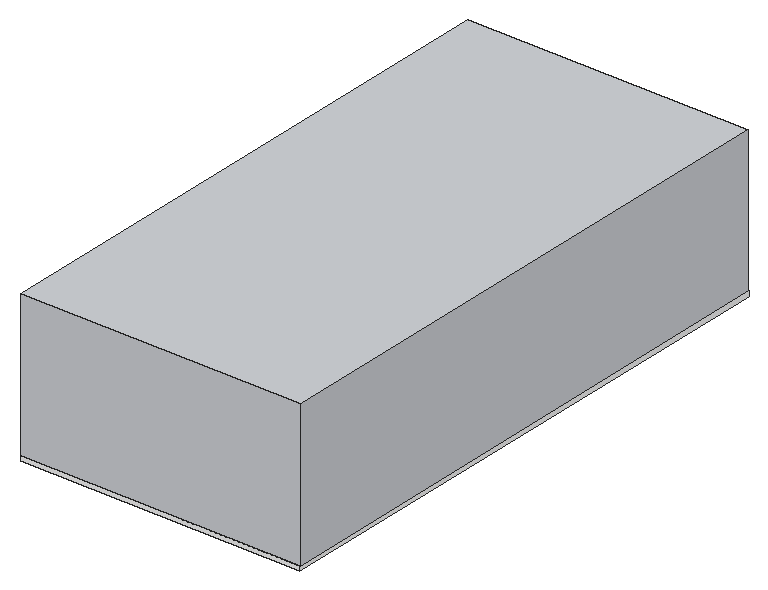
Revit family "Recessed Troffer Face Based", category Lighting Fixtures, Revit 2019
Family settings
  Round Connector Dimension = Use Diameter
  Part Type = Normal
  OmniClass Number = 23.80.70.00
  OmniClass Title = Lighting
  Work Plane-Based = Yes
  Always vertical = No
  Cut with Voids When Loaded = No
  Light Source = Yes
  Shared = No
  Room Calculation Point = Yes
Parameters (values of type "L21.3 Revalo RV06327DD 25W 4000K Insulated Panel 600x300")
  Width/2 = Width / 2  # 150 mm
  Width = 300 mm
  Wattage = 18.7354 W
  built-in parameter 1150110 = 1 (stored number, unit not read)
  Type Comments = "L21.3"
  built-in parameter 1114217 = 0.8 (stored number, unit not read)
  Tilt Angle = 90.00°
  built-in parameter 1150109 = 1 (stored number, unit not read)
  built-in parameter 1150134 = 12
  built-in parameter 1150113 = 1 (stored number, unit not read)
  Photometric Web File = "Slender Panel 1200x300 700MA UGR19 4000K.IES"
  PRL_LTGSchedule_Output = ""
  PRL_LTGSchedule_Manufacturer = ""
  PRL_LTGSchedule_Lifetime = ""
  PRL_LTGSchedule_Installation = ""
  PRL_LTGSchedule_Description = ""
  PRL_LTGSchedule_Control = ""
  PRL_LTGSchedule_Classification = ""
  PRL_LTGSchedule_CatNo = ""
  PRL_LTGSchedule_CCT = ""
  PRL_LTGSchedule_AppearsInSchedule = yes
  PRL_LTGSchedule_Accessories = ""
  PRL_AppearsInSchedule = yes
  Lumens = 2783 lm
  built-in parameter 1150115 = 1 (stored number, unit not read)
  built-in parameter 1150105 = 221.46 (stored number, unit not read)
  built-in parameter 1150137 = (empty or 0)
  built-in parameter 1150139 = (empty or 0)
  Length/2 = Length / 2  # 300 mm
  Length = 600 mm
  built-in parameter 1150112 = 1 (stored number, unit not read)
  built-in parameter 1150114 = 1 (stored number, unit not read)
  built-in parameter 1150132 = 2
  built-in parameter 1150102 = (empty or 0)
  built-in parameter 1150138 = (empty or 0)
  built-in parameter 1150107 = 4000 (stored number, unit not read)
  built-in parameter 1150106 = 2.2146 (stored number, unit not read)
  Family Revision = 10
  Emit from Rectangle Width = 600 mm
  Emit from Rectangle Length = 300 mm
  Emit Shape Visible in Rendering = yes
  built-in parameter 1150104 = 13.8 (stored number, unit not read)
  Dimming Lamp Color Temperature Shift = <None>
  Default Elevation = 1219.2 mm
  Color Filter = 16777215
  built-in parameter 1114218 = 1 (stored number, unit not read)
  built-in parameter 1150133 = 10 (stored number, unit not read)
  Apparent Load = 25 VA
Types (10, lengths in mm): name | Wattage | Type Comments | built-in parameter 1114217 | PRL_LTGSchedule_Output | PRL_LTGSchedule_Manufacturer | PRL_LTGSchedule_Lifetime | PRL_LTGSchedule_Installation | PRL_LTGSchedule_Description | PRL_LTGSchedule_Control | PRL_LTGSchedule_CatNo | PRL_LTGSchedule_CCT | PRL_LTGSchedule_Accessories | Lumens | built-in parameter 1150105 | Length/2 | Length | built-in parameter 1150106 | Emit from Rectangle Width
  L21.3 Revalo RV06327DD 25W 4000K Insulated Panel 600x300 | 18.7354 W | "L21.3" | 0.8 (stored number, unit not read) | "" | "" | "" | "" | "" | "" | "" | "" | "" | 2783 lm | 221.46 (stored number, unit not read) | 300 | 600 | 2.2146 (stored number, unit not read) | 600
  L21.1 Revalo RV06327DD 25W 4000K T-Rail 600x300 DALI | 18.7354 W | "L21.1" | 0.8 (stored number, unit not read) | "" | "" | "" | "" | "" | "" | "" | "" | "" | 2783 lm | 221.46 (stored number, unit not read) | 300 | 600 | 2.2146 (stored number, unit not read) | 1200
  L11.2 Revalo RV12355 48W 4000K Gib 1200x300 | 18.7354 W | "L11.2" | 0.8 (stored number, unit not read) | "" | "" | "" | "" | "" | "" | "" | "" | "" | 2783 lm | 221.46 (stored number, unit not read) | 600 | 1200 | 2.2146 (stored number, unit not read) | 1200
  L11.1 Revalo RV12355 48W 4000K T-Rail 1200x300 | 37.0266 W | "L11.1" | 0.83 (stored number, unit not read) | "48W LED\r\n5500 lm" | "Energylight" | "50,000 Hrs\r\nL90" | "Recessed in T-Rail Grid Ceiling" | "Recessed 1200 x 300 LED Module complete with framed Y5 diffuser & seismic restraint." | "Fixed output electronic driver" | "Revalo 300\r\nRV12355" | "4000K\r\nCRI=80+" | "" | 5500 lm | 437.68 (stored number, unit not read) | 600 | 1200 | 4.3768 (stored number, unit not read) | 1200
  L10.3 Revalo RV12355DD 48W 4000K Insulated Panel 1200x300 DALI | 18.7354 W | "L10.3" | 0.8 (stored number, unit not read) | "" | "" | "" | "" | "" | "" | "" | "" | "" | 2783 lm | 221.46 (stored number, unit not read) | 600 | 1200 | 2.2146 (stored number, unit not read) | 1200
  L10.2 Revalo RV12355DD 48W 4000K Gib 1200x300 DALI | 37.0266 W | "L10.2" | 0.8 (stored number, unit not read) | "48W LED\r\n5500 lm" | "Energylight" | "50,000 Hrs\r\nL90" | "Recessed in Plaster/Gib Ceiling" | "Recessed 1200 x 300 LED Module complete with framed Y5 diffuser & seismic restraint." | "Casambi Enabled DALI Dimmable Electronic Driver (Tridonic BasicDIM Wireless Or Casambi CBU-ASD Module)." | "Revalo 300\r\nRV12355DD" | "4000K\r\nCRI=80+" | "Recessing kit" | 5500 lm | 437.68 (stored number, unit not read) | 600 | 1200 | 4.3768 (stored number, unit not read) | 1200
  L10.1 Revalo RV12355DD 48W 4000K T-Rail 1200x300 DALI | 18.7354 W | "L10.1" | 0.8 (stored number, unit not read) | "" | "" | "" | "" | "" | "" | "" | "" | "" | 2783 lm | 221.46 (stored number, unit not read) | 600 | 1200 | 2.2146 (stored number, unit not read) | 1200
  L21.2 Revalo RV06327DD 25W 4000K Gib 600x300 DALI | 18.7354 W | "L21.2" | 0.8 (stored number, unit not read) | "" | "" | "" | "" | "" | "" | "" | "" | "" | 2783 lm | 221.46 (stored number, unit not read) | 300 | 600 | 2.2146 (stored number, unit not read) | 1200
  L10.1 Revalo RV12355DD 48W 4000K T-Rail 1200x300 DALI 2 Delete | 18.7354 W | "L10.1d" | (empty or 0) | "" | "" | "" | "" | "" | "" | "" | "" | "" | 2783 lm | 221.46 (stored number, unit not read) | 600 | 1200 | 2.2146 (stored number, unit not read) | 1200
  M2 Revalo RV12355DD 48W 4000K Gib 1200x300 DALI | 37.0266 W | "M2" | 0.8 (stored number, unit not read) | "48W LED\r\n5500 lm" | "Energylight" | "50,000 Hrs\r\nL90" | "Recessed in Plaster/Gib Ceiling" | "Recessed 1200 x 300 LED Module complete with framed Y5 diffuser & seismic restraint." | "Casambi Enabled DALI Dimmable Electronic Driver (Tridonic BasicDIM Wireless Or Casambi CBU-ASD Module)." | "Revalo 300\r\nRV12355DD" | "4000K\r\nCRI=80+" | "Recessing kit" | 5500 lm | 437.68 (stored number, unit not read) | 600 | 1200 | 4.3768 (stored number, unit not read) | 1200
Reference planes
  plane 1 "Light Source Axis (F/B)": y = 0
  plane 2: z = 0
  plane 3 "Light Source Axis (L/R)": x = 0
  plane 4 "Light Source Elevation": z = -10
  plane 5: y = 300
  plane 6: y = -300
  plane 7: x = 150
  plane 8: x = -150
Forms (mm)
  Extrusion 1, solid
    sketch origin (6.395, 0, 0) x (1, 0, 0) y (0, 1, 0)
      loop
        line (-156.395, -300) -> (143.605, -300) -> (143.605, 300) -> (-156.395, 300) -> (-156.395, -300)
    from -5 to 150
  Extrusion 2, solid, material "Default Light Source(1)"
    sketch origin (0, 0, 0) x (1, 0, 0) y (0, 1, 0)
      loop
        line (-150, 300) -> (-150, -300) -> (150, -300) -> (150, 300) -> (-150, 300)
    from -10 to -5
Lines and regions (mm)
  model lines, style "4"
    curve 1: line (-150, 300, 0) -> (150, 300, 0)
    curve 2: line (150, 300, 0) -> (150, -300, 0)
    curve 3: line (150, -300, 0) -> (-150, -300, 0)
    curve 4: line (-150, -300, 0) -> (-150, 300, 0)
    curve 5: line (-150, 300, 0) -> (150, -300, 0)
Dimensions and locks
  "Length": plane 5 to plane 6
  "Width": plane 8 to plane 7
  "Width/2": plane 8 to plane 3 "Light Source Axis (L/R)"
  "Length/2": plane 6 to plane 1 "Light Source Axis (F/B)"
  aligned and locked: plane 3 "Light Source Axis (L/R)" to imposter light
  aligned and locked: plane 1 "Light Source Axis (F/B)" to imposter light
  aligned and locked: plane 4 "Light Source Elevation" to imposter light
  aligned and locked: level to plane 2
  aligned and locked: Extrusion 1 to Extrusion 2
  aligned and locked: Extrusion 2 to Extrusion 1  (x3)
Automatic sketch dimensions
  Extrusion 1 sketch curve to plane 5 = 0 mm
  Extrusion 1 sketch curve to plane 8 = 0 mm
  plane 6 to Extrusion 1 sketch curve = 0 mm
  Extrusion 1 sketch curve to plane 7 = 0 mm
  Extrusion 2 sketch curve to plane 6 = 0 mm
  Extrusion 2 sketch curve to plane 8 = 0 mm
  plane 5 to Extrusion 2 sketch curve = 0 mm
  Extrusion 2 sketch curve to plane 7 = 0 mm
  curve 1 to plane 7 = 0 mm
  curve 3 to plane 6 = 0 mm
  curve 4 to plane 5 = 0 mm
  curve 5 to plane 8 = 0 mm
Connectors
  electrical at (0, 0, -314.8), driven by "Apparent Load"
    settings: on imposter light, index 1, voltage 230 V, apparent load 25 VA, apparent load phase1 0 VA, apparent load phase2 0 VA, apparent load phase3 0 VA, power factor 1, load classification "Lighting", number of poles 1, system type 30, power factor state 1, is connector primary yes, connector utility no, sub classification motor no, connector description ""
